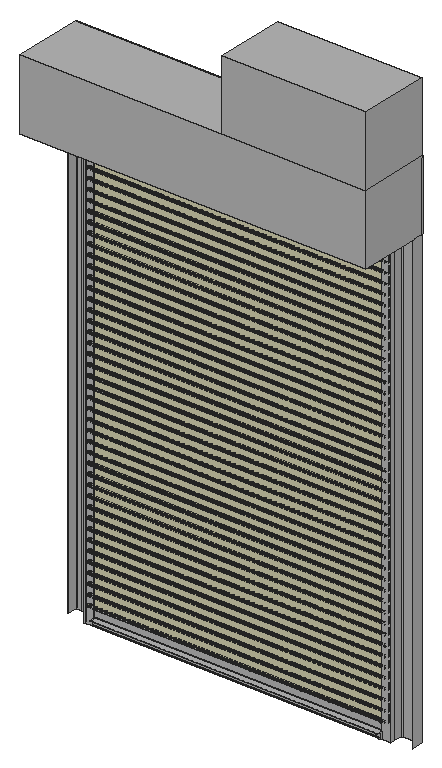
Revit family "Door-Service_Extreme-1024-BetweenJambMount-Cookson", category Doors, host Wall, Revit 2013
Parameters (values of type "Motor Top Mount Right")
  Windload = "Up to 20psf Ultimate/10psf operable standard.  A full range of specific wind load requirements available- Consult Cookson"  # constant formula
  Wall Construction = "Masonry, Steel , Mounting to Tubes"  # constant formula
  URL Specifications = "http://www.cooksondoor.com/docs/default-source/Specifications/extreme-performance-1024-insulated-rolling-service-door-specification_k.doc"
  URL Photographs = "http://www.cooksondoor.com/product/extreme-1024-high-performance-door"
  URL CAD = "http://www.cornelliron.com/architect-tools-and-resources/drawing-generator"
  URL = "http://www.cooksondoor.com/product/extreme-1024-high-performance-door"
  Sizing Disclaimer = "Up to 30’ wide, 20’ high standard construction. Consult factory for larger sizes"  # constant formula
  Revit Object Download Link = "http://cornellcookson.smartbim.com/download/Door_Service_Extreme-CornellIron-1024-BetweenJambMount"
  Optional Powder Coated Finish Standard RAL Colors Galv Steel and Aluminum Only = yes
  Subcategory = "Roll Up"  # constant formula
  Sound Transmission Class Rating = "Insulated version STC 27, based on a complete, operable door assembly"  # constant formula
  Shutter Panel Width = Width - 1' 0"  # 7' - 0"
  Representative Disclaimer = "Cookson' products are sold and installed through a nationwide network of independent distributors."  # constant formula
  Product Options = "Vision Windows, Fenestrations, Sloping Bottom Bar, Sloped hood"  # constant formula
  Operator Width = Width - 2 * 0' 3 31/128"  # 7' - 5 33/64"
  Opening Width = Width  # 8' - 0"
  Opening Height = Height  # 10' - 0"
  Open Speed = "24 ips max"  # constant formula
  Mounting = "Between Jambs"  # constant formula
  Motor Height Adjustable Right = 1' - 7 1/2"
  Motor Height Adjustable Left = 0' - 0"
  Jamb Dimension Note = "Face of Wall: 4 5/8In to  8 5/16In wide. Consult Cookson when dimensions are critical. Between Jambs:  13 13/16IN wide. Consult Cookson when dimensions are critical."
  Insulation Solid Polyurethane Visibility [instance] = yes
  Insulation Panel = Insulation - CornellIron - Plastic Smooth Ash
  Hood Offset On Right = 0' - 0"  # constant formula
  Hood Offset On Left = 0' - 0"  # constant formula
  Motor Length = 3' - 4"  # constant formula
  Motor Height = 1' - 7 1/2"  # constant formula
  Motor Depth = 1' - 7 1/2"  # constant formula
  Motor Cover Visibility Top Right Standard = yes
  Motor Cover Visibility Top Left Standard = no
  Motor Cover Visibility Front Right Standard = no
  Motor Cover Visibility Front Left Standard = no
  Model = "Standard EPD1024, Insulated EPI1024"  # constant formula
  Manufacturer = "CornellCookson,Inc."  # constant formula
  LEED Information = "http://www.cooksondoor.com/architect-tools-and-resources/leed-information"
  Jamb Height = Height + 0' 6 1/2"  # 10' - 6 1/2"
  Hood Height = 1' - 7 1/2"  # constant formula
  Hood Depth = 1' - 7 1/2"  # constant formula
  Hood = Metal - Steel - CornellIron - Steel - w - Powder Coated - Rust Inhibiting Paint
  Guides = Metal - Steel - CornellIron - Steel - w - Powder Coated - Rust Inhibiting Paint
  Function = Interior
  Height = 10' - 0"
  Wall Closure = By host
  Width = 8' - 0"
  Distributor Locator = "http://www.cooksondoor.com/find-a-dealer"
  Description = "Extreme 1024 high-speed, high-cycle doors provide a proven combination of steel door security, minimal maintenance requirements and exceptional cycle life unmatched by other performance doors. Extreme 1024 doors are tested to perform for over a million cycles at an opening speed of up to 24In per second - three times faster than standard coiling or overhead sectional doors. Designed to maximize your return on investment, the 1024 door provides the lowest lifetime cost and lowest cost-per-cycle versus other high-speed slatted products. And, its cost-per-cycle savings dramatically increase when compared to standard coiling doors that may be mistakenly considered for high-cycle openings. Available in standard and insulated curtains."  # constant formula
  Cycle Life = "1,000,000 cycles"  # constant formula
  Curtain Slats Filled w Insulation = Metal - Galvanized Steel - CornellIron - Stainless Steel Brushed - Curtain Only
  Cost Note = "Based on size, materials selected. Consult Cookson."  # constant formula
  Coil Dimension Note = "20” to 26” -  Consult Cookson when dimensions are critical."
  Closing Speed = "12 ips max"  # constant formula
  Bottom Bar = Metal - Steel - CornellIron - Steel - w - Powder Coated - Rust Inhibiting Paint
  95 CSI = "08330"  # constant formula
  04 CSI = "08 33 00"  # constant formula
  # of Shutter Panles = (Height / 0' 2 93/128") + 1  # 45
Types (5): name | Revit Object Download Link | Motor Height Adjustable Right | Motor Height Adjustable Left | Motor Cover Visibility Top Right Standard | Motor Cover Visibility Top Left Standard | Motor Cover Visibility Front Right Standard | Motor Cover Visibility Front Left Standard | Bottom Bar
  (no name) | "http://cornellcookson.smartbim.com/download/Door_Service_Extreme-CornellIron-1024-BetweenJambMount" | 1' - 7 1/2" | 0' - 0" | yes | no | no | no | Metal - Steel - CornellIron - Steel - w - Powder Coated - Rust Inhibiting Paint
  Motor Front Mount Left | "http://cornellcookson.smartbim.com/download/Door-Service_Extreme-1024-BetweenJambMount-Cookson" | 0' - 0" | 0' - 0" | no | no | no | yes | Metal - Steel - CornellIron - Stainless Steel - Double Angle w Powder Coat
  Motor Front Mount Right | "http://cornellcookson.smartbim.com/download/Door-Service_Extreme-1024-BetweenJambMount-Cookson" | 0' - 0" | 0' - 0" | no | no | yes | no | Metal - Steel - CornellIron - Steel - w - Powder Coated - Rust Inhibiting Paint
  Motor Top Mount Right | "http://cornellcookson.smartbim.com/download/Door_Service_Extreme-CornellIron-1024-BetweenJambMount" | 1' - 7 1/2" | 0' - 0" | yes | no | no | no | Metal - Steel - CornellIron - Steel - w - Powder Coated - Rust Inhibiting Paint
  Motor Top Mount Left | "http://cornellcookson.smartbim.com/download/Door-Service_Extreme-1024-BetweenJambMount-Cookson" | 0' - 0" | 1' - 7 1/2" | no | yes | no | no | Metal - Steel - CornellIron - Steel - w - Powder Coated - Rust Inhibiting Paint
Reference planes (in)
  plane 1 "Center (Front/Back)": y = 0
  plane 2 "Center (Left/Right)": x = 0
  plane 3 "Left": x = -48
  plane 4 "Right": x = 48
  plane 5 "Top": z = 146
  plane 6 "Exterior": y = 3
  plane 7 "Interior": y = -3
  plane 8: z = 3.71875
  plane 9: y = -3
  plane 10: x = 42
  plane 11: x = -42
  plane 12: y = -12.14029
  plane 13: z = 4.12519
  plane 14: x = -40
  plane 15: x = 40
  plane 16: z = 6.85141
  plane 17: z = 120
  plane 18: x = -42.50805
  plane 19: x = -42.25805
  plane 20: x = 42.50805
  plane 21: x = 42.25805
  plane 22: x = 48
  plane 23: y = -19.25015
  plane 24: z = 133
  plane 25: y = -11.12507
  plane 26: x = -48
  plane 27: y = -3
  plane 28: z = 0
  plane 29: x = -48
  plane 30: x = 48
  plane 31: z = 126.5
  plane 32: y = 0.24985
  plane 33: y = 0.24985
  plane 34: y = 0.49985
  plane 35: y = 0.24985
Forms (in)
  Sweep 1, solid, material "Metal - Steel - CornellIron - Steel - w - Powder Coated - Rust Inhibiting Paint" <- "Bottom Bar"
    path origin (0, 0, 0) x (1, 0, 0) y (0, 1, 0)
      loop
        line (-40, -3) -> (40, -3)
    profile "Profile_Shutter-Bottom : Parametric" origin (0, -3, 0) x (0, 1, 0) y (0, 0, 1)
      loop
        arc (-1.98389, 1.8432) -> (-2.00598, 1.83405) -> (-2.01514, 1.81195) r 0.03125
        line (-2.01514, 1.81195) -> (-2.01514, 1.7182) -> (-1.02042, 1.7182) -> (-1.02042, 0.27232)
        arc (-1.02042, 0.27232) -> (-0.94066, 0.07976) -> (-0.7481, 0) r 0.27232
        line (-0.7481, 0) -> (0.75043, 0)
        arc (0.75043, 0) -> (0.943, 0.07976) -> (1.02276, 0.27232) r 0.27232
        line (1.02276, 0.27232) -> (1.02276, 1.7182) -> (2.01286, 1.7182) -> (2.01286, 1.81195)
        arc (2.01286, 1.81195) -> (2.00371, 1.83405) -> (1.98161, 1.8432) r 0.03125
        line (1.98161, 1.8432) -> (0.20036, 1.8432)
        arc (0.20036, 1.8432) -> (0.15617, 1.86151) -> (0.13786, 1.9057) r 0.0625
        line (0.13786, 1.9057) -> (0.13786, 3.68695)
        arc (0.13786, 3.68695) -> (0.12871, 3.70905) -> (0.10661, 3.7182) r 0.03125
        line (0.10661, 3.7182) -> (0.01758, 3.7182) -> (0.01758, 1.7182) -> (-0.01758, 1.7182) -> (-0.01758, 3.7182) -> (-0.10889, 3.7182)
        arc (-0.10889, 3.7182) -> (-0.13098, 3.70905) -> (-0.14014, 3.68695) r 0.03125
        line (-0.14014, 3.68695) -> (-0.14014, 1.9057)
        arc (-0.14014, 1.9057) -> (-0.15844, 1.86151) -> (-0.20264, 1.8432) r 0.0625
        line (-0.20264, 1.8432) -> (-1.98389, 1.8432)
  Sweep 2, solid, material "Metal - Galvanized Steel - CornellIron - Stainless Steel Brushed - Curtain Only" <- "Curtain Slats Filled w Insulation"
    path origin (0, 0, 3.71875) x (1, 0, 0) y (0, 1, 0)
      loop
        line (-42, -3) -> (42, -3)
    profile "Profile_Shutter-Bottom Piece : Parametric" origin (0, -3, 3.71875) x (0, 1, 0) y (0, 0, 1)
      loop
        arc (-0.37489, 0.23753) -> (-0.35382, 0.58971) -> (-0.03361, 0.44159) r 0.21354
        line (-0.03361, 0.44159) -> (-0.00349, 0.45138)
        arc (-0.00349, 0.45138) -> (-0.38162, 0.60918) -> (-0.37521, 0.1995) r 0.24491
        line (-0.37521, 0.1995) -> (-0.04434, 0.03306)
        arc (-0.04434, 0.03306) -> (-0.02406, 0.01446) -> (-0.01656, -0.01202) r 0.05046
        line (-0.01656, -0.01202) -> (-0.01656, -2.00055) -> (0.01757, -2.00055) -> (0.01757, -0.01202)
        arc (0.01757, -0.01202) -> (0.00499, 0.03237) -> (-0.02901, 0.06355) r 0.08459
        line (-0.02901, 0.06355) -> (-0.37489, 0.23753)
  Sweep 3, solid, material "Metal - Steel - CornellIron - Steel - w - Powder Coated - Rust Inhibiting Paint" <- "Hood"
    path origin (90, 12, 126.5) x (1, 0, 0) y (0, 1, 0)
      loop
        line (-138, -11.75015) -> (-42, -11.75015)
    profile "Profile_Hood-CornellIron : Parametric" origin (0, 0.24985, 126.5) x (0, 1, 0) y (0, 0, 1)
      loop
        line (0, 19.5) -> (-19.5, 19.5) -> (-19.5, 0) -> (0, 0) -> (0, 19.5)
  Sweep 4, solid, material "Metal - Steel - CornellIron - Steel - w - Powder Coated - Rust Inhibiting Paint" <- "Hood"
    path origin (90, 12, 126.5) x (1, 0, 0) y (0, 1, 0)
      loop
        line (-138, -11.75015) -> (-42, -11.75015)
    profile origin (0, 0.24985, 126.5) x (0, 1, 0) y (0, 0, 1)
      loop
        line (0.25, 0) -> (0.25, 19.5) -> (0, 19.5) -> (0, 0) -> (0.25, 0)
Lines and regions (in)
  Opening 1
    outline origin (-90, -3, 0) x (1, 0, 0) y (0, 0, 1)
      loop
        line (42, 0) -> (138, 0) -> (138, 146) -> (42, 146) -> (42, 0)
  Opening 2
    outline origin (-60, -3, 0) x (1, 0, 0) y (0, 0, 1)
      loop
        line (52, 146) -> (12, 146) -> (12, 145.96875) -> (52, 145.96875) -> (52, 146)
  symbolic lines, style "Hood"
    curve 1: line (-48, -3, 120) -> (-48, -19.25015, 120)
    curve 2: line (-48, -19.25015, 120) -> (48, -19.25015, 120)
    curve 3: line (48, -3, 120) -> (48, -19.25015, 120)
    curve 4: line (-48, -3, 120) -> (48, -3, 120)
  symbolic lines, style "Doors"
    curve 5: line (42, -2.75926, 126.5) -> (-42, -2.75926, 126.5)
    curve 6: line (-42, -2.75926, 126.5) -> (-42, -3.52619, 126.5)
    curve 7: line (-42, -3.52619, 126.5) -> (42, -3.52619, 126.5)
    curve 8: line (42, -3.52619, 126.5) -> (42, -2.75926, 126.5)
    curve 9: line (40, -0.98714, 126.5) -> (-40, -0.98714, 126.5)
    curve 10: line (40, -5.01514, 126.5) -> (40, -3.52619, 126.5)
    curve 11: line (-40, -5.01514, 126.5) -> (40, -5.01514, 126.5)
    curve 12: line (-40, -0.98714, 126.5) -> (-40, -2.75926, 126.5)
    curve 13: line (40, -2.75926, 126.5) -> (40, -0.98714, 126.5)
    curve 14: line (-40, -3.52619, 126.5) -> (-40, -5.01514, 126.5)
Text (in)
  text "Exterior" at (-158.51321, 27.31104, 0), in view "Ref. Level"
  text "Interior" at (-158.51321, -25.14366, 0), in view "Ref. Level"
  text "Exterior" at (0, 40.15149, 123.01588), in view "Right"
  text "Interior" at (0, -64.39139, 123.01588), in view "Right"
  text "Interior" at (0, -31.01599, 123.00693), in view "Left"
  text "Exterior" at (0, 54.57065, 123.00693), in view "Left"
Dimensions and locks (in)
  equal spacing: plane 3 "Left", plane 2 "Center (Left/Right)", plane 4 "Right"
  "Height": level to plane 17
  "Width": plane 3 "Left" to plane 4 "Right"
  locked: level to plane 8 at 3.71875
  locked: plane 9 to plane 7 "Interior"
  locked: plane 10 to plane 4 "Right" at 6
  locked: plane 3 "Left" to plane 11 at 6
  locked: plane 13 to plane 8 at 0.40644
  locked: plane 3 "Left" to plane 14 at 8
  locked: plane 15 to plane 4 "Right" at 8
  locked: plane 16 to plane 13 at 2.72622
  "Hood Height": plane 31 to plane 5 "Top"
  equal spacing: group 1, group 2, group 3, group 4, group 5, group 6, group 7, group 8, group 9, group 10, group 11, group 12, group 13, group 14, group 15, group 16, group 17, group 18, group 19, group 20, group 21, group 22, group 23, group 24, group 25, group 26, group 27, group 28, group 29, group 30, group 31, group 32, group 33, group 34, group 35, group 36, group 37, group 38, group 39, group 40, group 41, group 42, group 43, group 44, group 45  (x3)
  locked: plane 3 "Left" to plane 18 at 5.49195
  locked: plane 18 to plane 19 at 0.25
  locked: plane 20 to plane 21 at 0.25
  locked: plane 20 to plane 4 "Right" at 5.49195
  "Hood Offset On Right": plane 4 "Right" to plane 22
  equal spacing: plane 5 "Top", plane 24, plane 17
  "Hood Offset On Left": plane 26 to plane 3 "Left"
  locked: plane 9 to plane 27
  equal spacing: plane 26, plane 29, plane 3 "Left"
  "Hood Depth": plane 35 to plane 23
  equal spacing: plane 27, plane 25, plane 23
  equal spacing: plane 22, plane 30, plane 4 "Right"
  locked: plane 17 to plane 31 at 6.5
  locked: plane 33 to plane 27 at 3.24985
  locked: Sweep 4 sketch curve to Sweep 4 sketch curve at 0.25
  locked: Sweep 4 sketch curve to plane 27 at 3.24985
  locked: plane 34 to plane 35 at 0.25
  locked: plane 35 to plane 27 at 3.24985
  locked: Opening 2 sketch curve to plane 5 "Top" at 0.03125
  "Motor Height Adjustable Left": plane 5 "Top" to Opening 2 sketch curve
  aligned and locked: plane 3 "Left" to Opening 1 sketch curve
  aligned and locked: plane 5 "Top" to Opening 1 sketch curve  (x2)
  aligned and locked: Opening 1 sketch curve to plane 4 "Right"
  aligned and locked: Opening 1 sketch curve to level
  aligned and locked: plane 6 "Exterior" to host wall
  aligned and locked: plane 7 "Interior" to host wall
  aligned and locked: plane 3 "Left" to nested 1
  aligned and locked: plane 9 to nested 1
  aligned and locked: level to nested 1
  aligned and locked: nested 2 to level
  aligned and locked: nested 2 to plane 9
  aligned and locked: plane 4 "Right" to nested 2
  aligned and locked: Sweep 1 sketch curve to plane 9
  aligned and locked: Sweep 2 sketch curve to plane 9
  aligned and locked: plane 11 to Sweep 2 sketch curve
  aligned and locked: plane 10 to Sweep 2 sketch curve
  aligned and locked: plane 15 to Sweep 1 sketch curve
  aligned and locked: plane 14 to Sweep 1 sketch curve
  aligned and locked: nested 3 to plane 13
  aligned and locked: nested 3 to plane 9
  aligned and locked: plane 16 to nested 4
  aligned and locked: nested 4 to plane 9
  aligned and locked: nested 4 to plane 2 "Center (Left/Right)"
  aligned and locked: plane 23 to nested 22
  aligned and locked: nested 24 to plane 23
  aligned and locked: nested 23 to plane 5 "Top"
  aligned and locked: plane 5 "Top" to nested 25
  aligned and locked: plane 28 to level
  aligned and locked: plane 5 "Top" to nested 24
  aligned and locked: plane 26 to Sweep 3 sketch curve
  aligned and locked: plane 22 to Sweep 3 sketch curve
  aligned and locked: nested 23 to plane 22
  aligned and locked: nested 22 to plane 22
  aligned and locked: plane 26 to curve 1
  aligned and locked: curve 2 to plane 23
  aligned and locked: nested 22 to curve 3
  aligned and locked: curve 4 to plane 27
  aligned and locked: plane 29 to Sweep 4 sketch curve
  aligned and locked: plane 30 to Sweep 4 sketch curve
  aligned and locked: Sweep 4 sketch curve to plane 33
  aligned and locked: Sweep 3 sketch curve to plane 35
  aligned and locked: nested 25 to Opening 2 sketch curve
  aligned and locked: Opening 2 sketch curve to host wall
  aligned and locked: Sweep 3 to nested 23
  aligned and locked: nested 25 to Sweep 3  (x2)
  aligned and locked: nested 24 to Sweep 3
  aligned and locked: plane 31 to nested 22
  aligned and locked: Sweep 4 to plane 5 "Top"
  aligned and locked: curve 5 to nested 51
  aligned and locked: curve 6 to nested 51
  aligned and locked: curve 7 to nested 51
  aligned and locked: curve 8 to nested 51
  aligned and locked: curve 9 to Sweep 1
  aligned and locked: curve 10 to Sweep 1
  aligned and locked: curve 11 to Sweep 1
  aligned and locked: curve 12 to Sweep 1
Automatic sketch dimensions
  Sweep 4 sketch curve to profile plane = 0' - 0"
  profile plane to Sweep 4 sketch curve = 1' - 7 1/2"
  curve 3 to plane 4 "Right" = 0' - 0"
  curve 5 to plane 11 = 0' - 0"
  curve 8 to plane 10 = 0' - 0"
  host wall to curve 7 = 0' - 0.52619"
  curve 6 to host wall = 0' - 0.24074"
  host wall to curve 10 = 0' - 0.52619"
  curve 13 to plane 15 = 0' - 0"
  curve 13 to host wall = 0' - 0.24074"
  curve 12 to host wall = 0' - 0.24074"
  curve 14 to plane 14 = 0' - 0"
  host wall to curve 14 = 0' - 0.52619"
Nested families (in)
  nested 1: "Jamb-Guide_Wall-CornellIron" at (-44.5027, -1.25015, 0), type "Parametric"
    with Height 10' - 6 1/2"
  nested 2: "Jamb-Guide_Wall-CornellIron" at (44.5027, -1.25015, 0) x (-1, 0, 0) z (0, 0, 1), type "Parametric"
    with Height 10' - 6 1/2"
  nested 3: "Shutter_Panel-CornellIron" at (-0.20973, -3.14003, 3.92168), type "Parametric"
  nested 4: "Shutter_Panel-CornellIron" at (-0.20973, -3.14003, 6.6479), type "Parametric"
  nested 5: "Shutter_Panel-CornellIron" at (-0.20973, -3.14003, 9.37412), type "Parametric"
  nested 6: "Shutter_Panel-CornellIron" at (-0.20973, -3.14003, 12.10034), type "Parametric"
  nested 7: "Shutter_Panel-CornellIron" at (-0.20973, -3.14003, 14.82656), type "Parametric"
  nested 8: "Shutter_Panel-CornellIron" at (-0.20973, -3.14003, 17.55278), type "Parametric"
  nested 9: "Shutter_Panel-CornellIron" at (-0.20973, -3.14003, 20.27901), type "Parametric"
  nested 10: "Shutter_Panel-CornellIron" at (-0.20973, -3.14003, 23.00523), type "Parametric"
  nested 11: "Shutter_Panel-CornellIron" at (-0.20973, -3.14003, 25.73145), type "Parametric"
  nested 12: "Shutter_Panel-CornellIron" at (-0.20973, -3.14003, 28.45767), type "Parametric"
  nested 13: "Shutter_Panel-CornellIron" at (-0.20973, -3.14003, 31.18389), type "Parametric"
  nested 14: "Shutter_Panel-CornellIron" at (-0.20973, -3.14003, 33.91011), type "Parametric"
  nested 15: "Shutter_Panel-CornellIron" at (-0.20973, -3.14003, 36.63633), type "Parametric"
  nested 16: "Shutter_Panel-CornellIron" at (-0.20973, -3.14003, 39.36256), type "Parametric"
  nested 17: "Shutter_Panel-CornellIron" at (-0.20973, -3.14003, 42.08878), type "Parametric"
  nested 18: "Shutter_Panel-CornellIron" at (-0.20973, -3.14003, 44.815), type "Parametric"
  nested 19: "Shutter_Panel-CornellIron" at (-0.20973, -3.14003, 47.54122), type "Parametric"
  nested 20: "Shutter_Panel-CornellIron" at (-0.20973, -3.14003, 50.26744), type "Parametric"
  nested 21: "Shutter_Panel-CornellIron" at (-0.20973, -3.14003, 52.99366), type "Parametric"
  nested 22: "Operator-CornellIron" at (0, 0.24985, 6.5), AFFL <- "Height", Motor Cover <- "Motor Cover Visibility Front Right Standard", type "Parametric"
    with Motor Cover no, Chain Visibility no, AFFL 10' - 0"
  nested 23: "Operator-CornellIron" at (0, 19.74985, 26), Motor Cover <- "Motor Cover Visibility Top Right Standard", AFFL <- "Height", type "Parametric"
    with Motor Cover yes, Chain Visibility no, AFFL 10' - 0"
  nested 24: "Operator-CornellIron" at (0, 0.24985, 6.5) x (-1, 0, 0) z (0, 0, 1), AFFL <- "Height", Motor Cover <- "Motor Cover Visibility Front Left Standard", type "Parametric"
    with Motor Cover no, Chain Visibility yes, AFFL 10' - 0"
  nested 25: "Operator-CornellIron" at (0, 19.74985, 26) x (-1, 0, 0) z (0, 0, 1), Motor Cover <- "Motor Cover Visibility Top Left Standard", AFFL <- "Height", type "Parametric"
    with Motor Cover no, Chain Visibility no, AFFL 10' - 0"
  nested 26: "Shutter_Panel-CornellIron" at (-0.20973, -3.14003, 55.71988), type "Parametric"
  nested 27: "Shutter_Panel-CornellIron" at (-0.20973, -3.14003, 58.44611), type "Parametric"
  nested 28: "Shutter_Panel-CornellIron" at (-0.20973, -3.14003, 61.17233), type "Parametric"
  nested 29: "Shutter_Panel-CornellIron" at (-0.20973, -3.14003, 63.89855), type "Parametric"
  nested 30: "Shutter_Panel-CornellIron" at (-0.20973, -3.14003, 66.62477), type "Parametric"
  nested 31: "Shutter_Panel-CornellIron" at (-0.20973, -3.14003, 69.35099), type "Parametric"
  nested 32: "Shutter_Panel-CornellIron" at (-0.20973, -3.14003, 72.07721), type "Parametric"
  nested 33: "Shutter_Panel-CornellIron" at (-0.20973, -3.14003, 74.80343), type "Parametric"
  nested 34: "Shutter_Panel-CornellIron" at (-0.20973, -3.14003, 77.52966), type "Parametric"
  nested 35: "Shutter_Panel-CornellIron" at (-0.20973, -3.14003, 80.25588), type "Parametric"
  nested 36: "Shutter_Panel-CornellIron" at (-0.20973, -3.14003, 82.9821), type "Parametric"
  nested 37: "Shutter_Panel-CornellIron" at (-0.20973, -3.14003, 85.70832), type "Parametric"
  nested 38: "Shutter_Panel-CornellIron" at (-0.20973, -3.14003, 88.43454), type "Parametric"
  nested 39: "Shutter_Panel-CornellIron" at (-0.20973, -3.14003, 91.16076), type "Parametric"
  nested 40: "Shutter_Panel-CornellIron" at (-0.20973, -3.14003, 93.88698), type "Parametric"
  nested 41: "Shutter_Panel-CornellIron" at (-0.20973, -3.14003, 96.61321), type "Parametric"
  nested 42: "Shutter_Panel-CornellIron" at (-0.20973, -3.14003, 99.33943), type "Parametric"
  nested 43: "Shutter_Panel-CornellIron" at (-0.20973, -3.14003, 102.06565), type "Parametric"
  nested 44: "Shutter_Panel-CornellIron" at (-0.20973, -3.14003, 104.79187), type "Parametric"
  nested 45: "Shutter_Panel-CornellIron" at (-0.20973, -3.14003, 107.51809), type "Parametric"
  nested 46: "Shutter_Panel-CornellIron" at (-0.20973, -3.14003, 110.24431), type "Parametric"
  nested 47: "Shutter_Panel-CornellIron" at (-0.20973, -3.14003, 112.97053), type "Parametric"
  nested 48: "Shutter_Panel-CornellIron" at (-0.20973, -3.14003, 115.69676), type "Parametric"
  nested 49: "Shutter_Panel-CornellIron" at (-0.20973, -3.14003, 118.42298), type "Parametric"
  nested 50: "Shutter_Panel-CornellIron" at (-0.20973, -3.14003, 121.1492), type "Parametric"
  nested 51: "Shutter_Panel-CornellIron" at (-0.20973, -3.14003, 123.87542), type "Parametric"
Definition of nested family "Jamb-Guide_Wall-CornellIron"
  Parameters (values of type "Parametric")
    Height = 9' - 11 1/2"
    Guide = Metal - Steel - CornellIron - Steel - w - Powder Coated - Rust Inhibiting Paint
    Default Elevation = 0' - 0"
    Assembly Code = ""
  Reference planes (in)
    plane 1 "Center (Front/Back)": y = 0
    plane 2: z = 0
    plane 3 "Center (Left/Right)": x = 0
    plane 4: z = 119.5
    plane 5: y = 1.625
    plane 6: y = 1.875
    plane 7: x = -3.4973
    plane 8: y = 1.5
    plane 9: y = -2.56497
    plane 10: x = 4.5027
    plane 11: y = 1.875
    plane 12: y = 1.875
    plane 13: y = -1.74985
  Forms (in)
    Sweep 1, solid, material "Metal - Steel - CornellIron - Steel - w - Powder Coated - Rust Inhibiting Paint" <- "Guide", detail levels fine
      path origin (0, 0, 0) x (1, 0, 0) y (0, 0, 1)
        loop
          line (0, 0) -> (0, 119.5)
      profile origin (0, 0, 59.75) x (-1, 0, 0) y (0, -1, 0)
        loop
          line (-1.99465, 2.56497) -> (-4.5027, 2.56497)
          arc (-4.5027, 2.56497) -> (-4.45373, 2.44674) -> (-4.3355, 2.39777) r 0.1672
          line (-4.3355, 2.39777) -> (-2.41266, 2.39777)
          arc (-2.41266, 2.39777) -> (-2.23531, 2.32431) -> (-2.16186, 2.14696) r 0.2508
          line (-2.16186, 2.14696) -> (-2.16186, 1.10194) -> (-4.5027, 1.10194)
          arc (-4.5027, 1.10194) -> (-4.45373, 0.98371) -> (-4.3355, 0.93474) r 0.1672
          line (-4.3355, 0.93474) -> (-2.57986, 0.93474)
          arc (-2.57986, 0.93474) -> (-2.40252, 0.86128) -> (-2.32906, 0.68393) r 0.2508
          line (-2.32906, 0.68393) -> (-2.32906, -0.40289)
          arc (-2.32906, -0.40289) -> (-2.28009, -0.52112) -> (-2.16186, -0.57009) r 0.1672
          arc (-2.16186, -0.57009) -> (-2.11288, -0.68832) -> (-1.99465, -0.73729) r 0.1672
          line (-1.99465, -0.73729) -> (-1.99465, -1.25) -> (-0.73125, -1.25)
          arc (-0.73125, -1.25) -> (-0.59421, -1.43119) -> (-0.3777, -1.5) r 0.375
          line (-0.3777, -1.5) -> (3.4973, -1.5) -> (3.4973, 1.5) -> (3.3098, 1.5)
          arc (3.3098, 1.5) -> (3.26561, 1.48169) -> (3.2473, 1.4375) r 0.0625
          line (3.2473, 1.4375) -> (3.2473, -1.125)
          arc (3.2473, -1.125) -> (3.21069, -1.21339) -> (3.1223, -1.25) r 0.125
          line (3.1223, -1.25) -> (1.74348, -1.25)
          arc (1.74348, -1.25) -> (1.69874, -1.12466) -> (1.57664, -1.0717) r 0.1672
          line (1.57664, -1.0717) -> (-1.57664, -1.0717)
          arc (-1.57664, -1.0717) -> (-1.75399, -0.99824) -> (-1.82745, -0.82089) r 0.2508
          line (-1.82745, -0.82089) -> (-1.82745, 1.10194)
          arc (-1.82745, 1.10194) -> (-1.94568, 1.05297) -> (-1.99465, 0.93474) r 0.1672
          line (-1.99465, 0.93474) -> (-1.99465, 2.56497)
    Sweep 2, solid, material "Metal - Steel - CornellIron - Steel - w - Powder Coated - Rust Inhibiting Paint" <- "Guide", detail levels medium
      path origin (-10.25, 0, 0) x (1, 0, 0) y (0, 0, 1)
        loop
          line (10.25, 0) -> (10.25, 119.5)
      profile origin (0, 0, 59.75) x (-1, 0, 0) y (0, -1, 0)
        loop
          line (3.4973, -1.5) -> (3.4973, 1.5) -> (3.2473, 1.5) -> (3.2473, -1.0717) -> (-1.82745, -1.0717) -> (-1.82745, 1.5) -> (-1.99465, 1.5) -> (-1.99465, 2.56497) -> (-4.5027, 2.56497) -> (-4.5027, 2.39777) -> (-2.16186, 2.39777) -> (-2.16186, 1.10194) -> (-4.5027, 1.10194) -> (-4.5027, 0.93474) -> (-2.32906, 0.93474) -> (-2.32906, -1.5) -> (3.4973, -1.5)
    Sweep 3, solid, material "Metal - Steel - CornellIron - Steel - w - Powder Coated - Rust Inhibiting Paint" <- "Guide", detail levels coarse
      path origin (0.40267, 0, 0) x (1, 0, 0) y (0, 0, 1)
        loop
          line (-0.40267, 0) -> (-0.40267, 119.5)
      profile origin (0, 0, 59.75) x (-1, 0, 0) y (0, -1, 0)
        loop
          line (3.4973, -1.5) -> (3.4973, 1.5) -> (-1.99465, 1.5) -> (-1.99465, 2.56497) -> (-4.5027, 2.56497) -> (-4.5027, 2.39777) -> (-2.16186, 2.39777) -> (-2.16186, 1.10194) -> (-4.5027, 1.10194) -> (-4.5027, 0.93474) -> (-2.32906, 0.93474) -> (-2.32906, -1.5) -> (3.4973, -1.5)
  Lines and regions (in)
    symbolic lines, style "DoorsFrameMullionProjection", detail levels fine
      curve 1: line (1.99465, -0.93474, 0) -> (1.99465, 1.25, 0)
      curve 2: line (2.16186, -1.121, 0) -> (2.16186, 0.57009, 0)
      curve 3: line (-1.74348, 1.25, 0) -> (0.73125, 1.25, 0)
      curve 5: arc (-3.2473, -1.4375, 0) -> (-3.26561, -1.48169, 0) -> (-3.3098, -1.5, 0) r 0.0625
      curve 9: arc (0.3777, 1.5, 0) -> (0.59421, 1.43119, 0) -> (0.73125, 1.25, 0) r 0.375
      curve 10: arc (-3.1223, 1.25, 0) -> (-3.21069, 1.21339, 0) -> (-3.2473, 1.125, 0) r 0.125
      curve 11: line (-3.1223, 1.25, 0) -> (-1.74348, 1.25, 0)
      curve 12: line (0.73125, 1.25, 0) -> (1.99465, 1.25, 0)
      curve 13: arc (-1.57664, 1.0717, 0) -> (-1.69874, 1.12466, 0) -> (-1.74348, 1.25, 0) r 0.1672
      curve 15: arc (1.82745, 0.82089, 0) -> (1.75399, 0.99824, 0) -> (1.57664, 1.0717, 0) r 0.2508
      curve 17: arc (1.99465, -0.93474, 0) -> (1.94568, -1.05297, 0) -> (1.82745, -1.10194, 0) r 0.1672
      curve 18: line (1.99465, -0.93474, 0) -> (1.99465, -1.5, 0)
      curve 20: arc (4.3355, -2.39777, 0) -> (4.45373, -2.44674, 0) -> (4.5027, -2.56497, 0) r 0.1672
      curve 22: arc (2.16186, -2.14696, 0) -> (2.23531, -2.32431, 0) -> (2.41266, -2.39777, 0) r 0.2508
      curve 24: arc (2.16186, 0.57009, 0) -> (2.28009, 0.52112, 0) -> (2.32906, 0.40289, 0) r 0.1672
      curve 26: arc (2.32906, -0.68393, 0) -> (2.40252, -0.86128, 0) -> (2.57986, -0.93474, 0) r 0.2508
      curve 28: arc (4.3355, -0.93474, 0) -> (4.45373, -0.98371, 0) -> (4.5027, -1.10194, 0) r 0.1672
      curve 30: arc (1.99465, 0.73729, 0) -> (2.11288, 0.68832, 0) -> (2.16186, 0.57009, 0) r 0.1672
      curve 46: line (-3.2473, 1.0717, 0) -> (-3.2473, 1.125, 0)
    symbolic lines, style "DoorsFrameMullionProjection"
      curve 4: line (-3.4973, -1.5, 0) -> (-3.3098, -1.5, 0)
      curve 7: line (-3.4973, 1.5, 0) -> (-3.4973, -1.5, 0)
      curve 8: line (0.3777, 1.5, 0) -> (-3.4973, 1.5, 0)
      curve 19: line (1.99465, -2.56497, 0) -> (4.5027, -2.56497, 0)
      curve 21: line (4.3355, -2.39777, 0) -> (2.41266, -2.39777, 0)
      curve 23: line (2.16186, -2.14696, 0) -> (2.16186, -1.10194, 0)
      curve 25: line (2.32906, -0.68393, 0) -> (2.32906, 0.40289, 0)
      curve 27: line (4.3355, -0.93474, 0) -> (2.57986, -0.93474, 0)
      curve 29: line (2.16186, -1.10194, 0) -> (4.5027, -1.10194, 0)
      curve 47: line (1.99465, -1.5, 0) -> (1.99465, -2.56497, 0)
    symbolic lines, style "DoorsFrameMullionProjection", detail levels medium+fine
      curve 6: line (-3.2473, -1.4375, 0) -> (-3.2473, 1.0717, 0)
      curve 14: line (-1.57664, 1.0717, 0) -> (1.57664, 1.0717, 0)
      curve 16: line (1.82745, 0.82089, 0) -> (1.82745, -1.10194, 0)
    symbolic lines, style "DoorsFrameMullionProjection", detail levels medium
      curve 31: line (1.57664, 1.0717, 0) -> (1.82745, 1.0717, 0)
      curve 32: line (1.82745, 1.0717, 0) -> (1.82745, 0.82089, 0)
      curve 33: line (-3.2473, 1.0717, 0) -> (-1.57664, 1.0717, 0)
      curve 34: line (1.82745, -1.10194, 0) -> (1.82745, -1.5, 0)
      curve 48: line (-3.2473, -1.4375, 0) -> (-3.2473, -1.5, 0)
    symbolic lines, style "DoorsFrameMullionProjection", detail levels coarse+medium
      curve 35: line (1.82745, -1.5, 0) -> (1.99465, -1.5, 0)
      curve 36: line (2.16186, -2.14696, 0) -> (2.16186, -2.39777, 0)
      curve 37: line (2.16186, -2.39777, 0) -> (2.41266, -2.39777, 0)
      curve 38: line (4.3355, -2.39777, 0) -> (4.5027, -2.39777, 0)
      curve 39: line (4.5027, -2.39777, 0) -> (4.5027, -2.56497, 0)
      curve 40: line (2.32906, -0.68393, 0) -> (2.32906, -0.93474, 0)
      curve 41: line (2.32906, -0.93474, 0) -> (2.57986, -0.93474, 0)
      curve 42: line (4.3355, -0.93474, 0) -> (4.5027, -0.93474, 0)
      curve 43: line (4.5027, -0.93474, 0) -> (4.5027, -1.10194, 0)
      curve 44: line (0.3777, 1.5, 0) -> (2.32906, 1.5, 0)
      curve 45: line (2.32906, 1.5, 0) -> (2.32906, 0.40289, 0)
      curve 49: line (-3.3098, -1.5, 0) -> (-3.2473, -1.5, 0)
    symbolic lines, style "DoorsFrameMullionProjection", detail levels coarse
      curve 50: line (-3.2473, -1.5, 0) -> (1.82745, -1.5, 0)
    model lines, style "DoorsFrameMullionProjection", detail levels fine
      curve 51: line (-1.74348, 1.25, 119.5) -> (0.73125, 1.25, 119.5)
      curve 52: line (1.99465, -0.93474, 119.5) -> (1.99465, 0.73729, 119.5)
      curve 53: line (2.16186, 0.57009, 119.5) -> (2.16186, -1.10194, 119.5)
      curve 54: line (-1.74348, 1.25, 0) -> (0.73125, 1.25, 0)
      curve 55: line (1.99465, -0.93474, 0) -> (1.99465, 0.73729, 0)
      curve 56: line (2.16186, 0.57009, 0) -> (2.16186, -1.10194, 0)
  Dimensions and locks (in)
    "Height": plane 4 to plane 2
    plane 8 to plane 1 "Center (Front/Back)" to plane 9 = 0' - 1 1/2" locked, 0' - 2.56497" locked
    plane 7 to plane 3 "Center (Left/Right)" to plane 10 = 0' - 3.4973" locked, 0' - 4.5027" locked
    aligned and locked: plane 2 to level
    aligned and locked: plane 4 to Sweep 1 sketch curve
    aligned and locked: plane 2 to Sweep 1 sketch curve
    aligned and locked: plane 3 "Center (Left/Right)" to Sweep 1 sketch curve
    aligned and locked: Sweep 2 sketch curve to plane 3 "Center (Left/Right)"
    aligned and locked: plane 4 to Sweep 2 sketch curve
    aligned and locked: level to Sweep 2 sketch curve
    aligned and locked: plane 3 "Center (Left/Right)" to Sweep 3 sketch curve
    aligned and locked: plane 4 to Sweep 3 sketch curve
    aligned and locked: level to Sweep 3 sketch curve
  Automatic sketch dimensions
    plane 1 "Center (Front/Back)" to Sweep 1 sketch curve = 0' - 1.10194"
    profile plane to Sweep 1 sketch curve = 0' - 4.5027"
    Sweep 1 sketch curve to Sweep 1 sketch curve = 0' - 0"  (x3)
    Sweep 1 sketch curve to Sweep 1 sketch curve = 0' - 0.1672"  (x8)
    plane 1 "Center (Front/Back)" to Sweep 1 sketch curve = 0' - 0.68393"
    Sweep 1 sketch curve to Sweep 1 sketch curve = 0' - 1.75563"
    Sweep 1 sketch curve to Sweep 1 sketch curve = 0' - 0.2508"  (x2)
    Sweep 1 sketch curve to plane 5 = 0' - 0 3/8"  (x2)
    profile plane to Sweep 1 sketch curve = 0' - 0.73125"
    Sweep 1 sketch curve to Sweep 1 sketch curve = 0' - 0.35355"
    Sweep 1 sketch curve to plane 5 = 0' - 0.5533"
    Sweep 1 sketch curve to profile plane = 0' - 1.57664"
    Sweep 1 sketch curve to Sweep 1 sketch curve = 0' - 0.16683"
    Sweep 1 sketch curve to Sweep 1 sketch curve = 0' - 1.37882"
    Sweep 1 sketch curve to Sweep 1 sketch curve = 0' - 0 1/8"
    Sweep 1 sketch curve to Sweep 1 sketch curve = 0' - 0 1/16"
    Sweep 1 sketch curve to plane 5 = 0' - 0 1/8"
    Sweep 1 sketch curve to Sweep 1 sketch curve = 0' - 0 3/8"
    Sweep 1 sketch curve to Sweep 1 sketch curve = 0' - 0.0836"
    plane 1 "Center (Front/Back)" to Sweep 1 sketch curve = 0' - 1 7/16"
    Sweep 1 sketch curve to Sweep 1 sketch curve = 0' - 1.04502"
    plane 1 "Center (Front/Back)" to Sweep 2 sketch curve = 0' - 1.10194"
    profile plane to Sweep 2 sketch curve = 0' - 4.5027"
    Sweep 2 sketch curve to Sweep 2 sketch curve = 0' - 0"
    Sweep 2 sketch curve to plane 11 = 0' - 0 3/8"
    profile plane to Sweep 2 sketch curve = 0' - 2.32906"
    Sweep 2 sketch curve to Sweep 2 sketch curve = 0' - 0.1672"  (x5)
    Sweep 2 sketch curve to plane 11 = 0' - 0.8033"
    Sweep 2 sketch curve to profile plane = 0' - 3.2473"
    Sweep 2 sketch curve to Sweep 2 sketch curve = 0' - 0 1/4"
    Sweep 2 sketch curve to Sweep 2 sketch curve = 0' - 0.39806"
    plane 1 "Center (Front/Back)" to Sweep 2 sketch curve = 0' - 1 1/2"
    Sweep 2 sketch curve to Sweep 2 sketch curve = 0' - 0.89777"
    plane 1 "Center (Front/Back)" to Sweep 3 sketch curve = 0' - 1.10194"
    profile plane to Sweep 3 sketch curve = 0' - 4.5027"
    Sweep 3 sketch curve to Sweep 3 sketch curve = 0' - 0"
    Sweep 3 sketch curve to plane 12 = 0' - 0 3/8"
    profile plane to Sweep 3 sketch curve = 0' - 2.32906"
    Sweep 3 sketch curve to Sweep 3 sketch curve = 0' - 0.1672"  (x4)
    Sweep 3 sketch curve to Sweep 3 sketch curve = 0' - 0.39806"
    Sweep 3 sketch curve to Sweep 3 sketch curve = 0' - 0.89777"
    Sweep 3 sketch curve to profile plane = 0' - 3.4973"
    curve 51 to Sweep 1 = 0' - 0"
    curve 52 to Sweep 1 = 0' - 0"  (x2)
    curve 53 to Sweep 1 = 0' - 0"  (x2)
    Sweep 1 to curve 52 = 0' - 0.33441"
    curve 52 to curve 53 = 0' - 0.1672"
    Sweep 1 to curve 51 = 0' - 1.0962"
    Sweep 1 to curve 51 = 0' - 1.50382"
    Sweep 1 to curve 54 = 0' - 0"
    curve 55 to Sweep 1 = 0' - 0"  (x2)
    curve 56 to Sweep 1 = 0' - 0"  (x2)
    curve 55 to Sweep 1 = 0' - 0.33441"
    curve 55 to curve 56 = 0' - 0.1672"
    curve 54 to Sweep 1 = 0' - 1.0962"
    curve 54 to Sweep 1 = 0' - 1.50382"
    curve 7 to plane 7 = 0' - 0"
    curve 44 to plane 8 = 0' - 0"
    plane 9 to curve 19 = 0' - 0"
    curve 39 to plane 10 = 0' - 0"
    curve 42 to plane 10 = 0' - 0"
    curve 4 to plane 7 = 0' - 0 3/16"
    curve 4 to curve 49 = 0' - 0 1/16"
    curve 46 to curve 11 = 0' - 0 1/8"
    curve 13 to plane 8 = 0' - 0 1/4"
    curve 10 to curve 13 = 0' - 1.37882"
    curve 3 to curve 13 = 0' - 0.16683"
    plane 3 "Center (Left/Right)" to curve 44 = 0' - 0.3777"
    curve 9 to curve 3 = 0' - 0.35355"
    curve 15 to plane 8 = 0' - 0.67911"
    curve 3 to curve 15 = 0' - 0.84539"
    plane 3 "Center (Left/Right)" to curve 34 = 0' - 1.82745"
    curve 34 to curve 47 = 0' - 0.1672"
    curve 19 to curve 37 = 0' - 0.1672"
    curve 2 to curve 23 = 0' - 0"
    curve 24 to curve 25 = 0' - 0.1672"
    curve 36 to curve 22 = 0' - 0.2508"
    curve 40 to curve 27 = 0' - 0.2508"
    curve 28 to plane 10 = 0' - 0.1672"
    curve 4 to plane 9 = 0' - 1.06497"
    curve 18 to curve 2 = 0' - 0.379"
    curve 2 to curve 23 = 0' - 0.01906"
    curve 16 to curve 23 = 0' - 0"
    curve 45 to plane 1 "Center (Front/Back)" = 0' - 0.40289"
    curve 20 to curve 20 = 0' - 0.1672"
Definition of nested family "Shutter_Panel-CornellIron"
  Parameters (values of type "Parametric")
    Width = 7' - 0"
    Panel Insulation = none
    Panel = Metal - Galvanized Steel - CornellIron - Stainless Steel Brushed - Curtain Only
    Insulation Solid Polyurethane Visibility = yes
    Default Elevation = 4' - 0"
    Assembly Code = ""
  Reference planes (in)
    plane 1 "Center (Front/Back)": y = 0
    plane 2: z = 0
    plane 3 "Center (Left/Right)": x = 0.20973
    plane 4: x = -41.79027
    plane 5: x = 42.20973
    plane 6: z = 2.92935
    plane 7: y = 0.10446
    plane 8: z = 0.20351
    plane 9: y = -0.14003
    plane 10: y = 0.38616
    plane 11: y = -0.38076
  Forms (in)
    Sweep 1, solid, material "Metal - Galvanized Steel - CornellIron - Stainless Steel Brushed - Curtain Only" <- "Panel"
      path origin (0, 0, 0) x (1, 0, 0) y (0, 1, 0)
        loop
          line (-41.79027, 0) -> (42.20973, 0)
      profile "Shutter Profile : Shutter Profile" origin (0.20973, 0, 0) x (0, 1, 0) y (0, 0, 1)
        loop
          arc (-0.1196, 3.00215) -> (0.28146, 3.08482) -> (0.14774, 2.69777) r 0.23559
          line (0.14774, 2.69777) -> (-0.19229, 2.69777)
          arc (-0.19229, 2.69777) -> (-0.32556, 2.64256) -> (-0.38076, 2.50929) r 0.18847
          line (-0.38076, 2.50929) -> (-0.38076, 0.15639)
          arc (-0.38076, 0.15639) -> (-0.33496, 0.04581) -> (-0.22437, 0) r 0.15639
          line (-0.22437, 0) -> (0.10446, 0)
          arc (0.10446, 0) -> (0.2691, 0.32313) -> (-0.08909, 0.2664) r 0.20351
          line (-0.08909, 0.2664) -> (-0.04524, 0.25215)
          arc (-0.04524, 0.25215) -> (0.23179, 0.29602) -> (0.10446, 0.04612) r 0.15739
          line (0.10446, 0.04612) -> (-0.22437, 0.04612)
          arc (-0.22437, 0.04612) -> (-0.30235, 0.07841) -> (-0.33465, 0.15639) r 0.11028
          line (-0.33465, 0.15639) -> (-0.33465, 2.50929)
          arc (-0.33465, 2.50929) -> (-0.29295, 2.60995) -> (-0.19229, 2.65165) r 0.14236
          line (-0.19229, 2.65165) -> (0.15182, 2.65165)
          arc (0.15182, 2.65165) -> (0.31758, 3.11357) -> (-0.16346, 3.0164) r 0.28171
          line (-0.16346, 3.0164) -> (-0.1196, 3.00215)
  Lines and regions (in)
    symbolic lines
      curve 1: line (-41.79027, 0.38616, 0) -> (42.20973, 0.38616, 0)
      curve 2: line (-41.79027, -0.38076, 0) -> (-41.79027, 0.38616, 0)
      curve 3: line (42.20973, -0.38076, 0) -> (-41.79027, -0.38076, 0)
      curve 4: line (42.20973, 0.38616, 0) -> (42.20973, -0.38076, 0)
  Dimensions and locks (in)
    equal spacing: plane 4, plane 3 "Center (Left/Right)", plane 5
    "Width": plane 4 to plane 5
    locked: plane 10 to plane 11 at 0.76692
    aligned and locked: plane 1 "Center (Front/Back)" to Sweep 1 sketch curve
    aligned and locked: plane 4 to Sweep 1 sketch curve
    aligned and locked: plane 5 to Sweep 1 sketch curve
    aligned and locked: curve 4 to plane 5
    aligned and locked: curve 1 to plane 10
    aligned and locked: plane 11 to curve 3
    aligned and locked: plane 4 to curve 2
    aligned and locked: nested 1 to plane 10
  Nested families (in)
    nested 1: "Shutter-Panel_Insulation" at (0, -0.03349, 0), visible <- "Insulation Solid Polyurethane Visibility", type "Shutter-Panel"
  Definition of nested family "Shutter-Panel_Insulation"
    Parameters (values of type "Shutter-Panel")
      Width = 7' - 0"
      Panel = none
      Default Elevation = 4' - 0"
      Assembly Code = ""
    Reference planes (in)
      plane 1 "Center (Front/Back)": y = 0
      plane 2: z = 0
      plane 3 "Center (Left/Right)": x = 0.20973
      plane 4: x = -41.79027
      plane 5: x = 42.20973
      plane 6: z = 2.92935
      plane 7: y = 0.10446
      plane 8: z = 0.20351
      plane 9: y = -0.14003
      plane 10: y = 0.41966
    Forms (in)
      Sweep 1, solid, material <- "Panel"
        path origin (0, 0, 0) x (1, 0, 0) y (0, 1, 0)
          loop
            line (-41.79027, 0) -> (42.20973, 0)
        profile "Insulation : Insulation" origin (0.20973, 0, 0) x (0, 1, 0) y (0, 0, 1)
          loop
            line (-0.01945, 3.22188) -> (0.30938, 3.22188)
            arc (0.30938, 3.22188) -> (0.38736, 3.18958) -> (0.41966, 3.1116) r 0.11028
            line (0.41966, 3.1116) -> (0.41966, 0.7587)
            arc (0.41966, 0.7587) -> (0.37796, 0.65804) -> (0.2773, 0.61634) r 0.14236
            line (0.2773, 0.61634) -> (-0.06681, 0.61634)
            arc (-0.06681, 0.61634) -> (-0.23257, 0.15443) -> (0.24847, 0.25159) r 0.28171
            line (0.24847, 0.25159) -> (0.20461, 0.26584)
            arc (0.20461, 0.26584) -> (-0.19645, 0.18318) -> (-0.06273, 0.57023) r 0.23559
            line (-0.06273, 0.57023) -> (0.2773, 0.57023)
            arc (0.2773, 0.57023) -> (0.41057, 0.62543) -> (0.46577, 0.7587) r 0.18847
            line (0.46577, 0.7587) -> (0.46577, 3.1116)
            arc (0.46577, 3.1116) -> (0.41997, 3.22219) -> (0.30938, 3.26799) r 0.15639
            line (0.30938, 3.26799) -> (-0.01945, 3.26799)
            arc (-0.01945, 3.26799) -> (-0.18409, 2.94486) -> (0.1741, 3.00159) r 0.20351
            line (0.1741, 3.00159) -> (0.13025, 3.01584)
            arc (0.13025, 3.01584) -> (-0.14678, 2.97197) -> (-0.01945, 3.22188) r 0.15739
    Dimensions and locks (in)
      equal spacing: plane 4, plane 3 "Center (Left/Right)", plane 5
      "Width": plane 4 to plane 5
      aligned and locked: plane 1 "Center (Front/Back)" to Sweep 1 sketch curve
      aligned and locked: plane 4 to Sweep 1 sketch curve
      aligned and locked: plane 5 to Sweep 1 sketch curve
Definition of nested family "Operator-CornellIron"
  Parameters (values of type "Parametric")
    Unit = Metal - Steel - CornellIron - Steel - w - Powder Coated - Rust Inhibiting Paint
    Motor Length = 3' - 4"
    Motor Height = 1' - 7 1/2"
    Motor Depth = 1' - 7 1/2"
    Motor Cover [instance] = yes
    Length = 8' - 0"
    Default Elevation = 0' - 0"  # constant formula
    Chain Visibility [instance] = yes
    Chain Height = 5' - 0"
    Assembly Code = ""
    Analytic Construction = "<None>"
    AFFL [instance] = 10' - 0"
  Reference planes (in)
    plane 1 "Center (Front/Back)": y = 0
    plane 2: z = 0
    plane 3 "Center (Left/Right)": x = 0
    plane 4: y = -19.5
    plane 5: x = -48
    plane 6: x = 48
    plane 7: x = 8
    plane 8: z = 120
    plane 9: z = 139.5
    plane 10: y = -39
  Dimensions and locks (in)
    locked: plane 4 to plane 1 "Center (Front/Back)" at 19.5
    equal spacing: plane 5, plane 3 "Center (Left/Right)", plane 6
    "Length": plane 5 to plane 6
    "Motor Length": plane 7 to plane 6
    "AFFL": plane 8 to level
    "Motor Height": plane 9 to plane 8
    "Motor Depth": plane 4 to plane 10
    aligned and locked: nested 1 to plane 10
    aligned and locked: plane 7 to nested 1
    aligned and locked: nested 1 to plane 8
  Nested families (in)
    nested 1: "Motor_CornellIron" at (28, -29.25, 120) x (-1, 0, 0) z (0, 0, 1), Chain Visibility <- "Chain Visibility", Motor Cover <- "Motor Cover", type "Motor_CornellIron"
      with Chain Visibility yes
  Definition of nested family "Motor_CornellIron"
    Parameters (values of type "Motor_CornellIron")
      Width = 3' - 4"
      Motor Cover [instance] = yes
      Unit = Metal - Steel - CornellIron - Steel - w - Powder Coated - Rust Inhibiting Paint
      Motor [instance] = yes
      Height = 1' - 7 1/2"
      Depth = 1' - 7 1/2"
      Chain Visibility [instance] = yes
      Chain Height = 5' - 0"
      Assembly Code = ""
      Analytic Construction = "<None>"
    Reference planes (in)
      plane 1 "Center (Front/Back)": y = 0
      plane 2: z = 0
      plane 3 "Center (Left/Right)": x = 0
      plane 4: x = -20
      plane 5: x = 20
      plane 6: y = 9.75
      plane 7: y = -9.75
      plane 8: z = 19.5
      plane 9: x = -25
      plane 10: x = -22.5
    Forms (in)
      Sweep 1, solid, material "Metal - Steel - CornellIron - Steel - w - Powder Coated - Rust Inhibiting Paint" <- "Unit", visible <- "Motor Cover"
        path origin (0, 0, 0) x (1, 0, 0) y (0, 1, 0)
          loop
            line (-20, 0) -> (20, 0)
        profile origin (0, 0, 0) x (0, 1, 0) y (0, 0, 1)
          loop
            line (9.75, 0) -> (9.75, 19.5) -> (-9.75, 19.5) -> (-9.75, 0) -> (9.75, 0)
      Sweep 2, solid, material "Metal - Steel - CornellIron - Steel - w - Powder Coated - Rust Inhibiting Paint" <- "Unit", visible <- "Chain Visibility", not visible
        path origin (7.00522, -7.782, -98.8879) x (0, 1, 0) y (0, 0, 1)
          loop
            line (5.375, 111.07552) -> (5.375, 42.0129)
            arc (5.375, 42.0129) -> (2.25, 38.8879) -> (-0.875, 42.0129) r 3.125
            line (-0.875, 42.0129) -> (-0.875, 111.07552)
        profile origin (7.00522, -2.407, -22.34369) x (1, 0, 0) y (0, 1, 0)
          loop
            circle (-27.18359, 0) r 0.25
      Extrusion 3, solid, material "Metal - Steel - CornellIron - Steel - w - Powder Coated - Rust Inhibiting Paint" <- "Unit", visible <- "Chain Visibility", not visible
        sketch origin (-19.31569, -22.3721, -1.48834) x (0, 1, 0) y (0, 0, -1)
          loop
            line (18.79083, -17.98489) -> (20.6277, -13.19968)
            arc (20.6277, -13.19968) -> (20.64632, -13.13363) -> (20.6526, -13.06529) r 0.375
            line (20.6526, -13.06529) -> (20.6526, -10.97863)
            arc (20.6526, -10.97863) -> (20.69419, -10.76645) -> (20.81281, -10.58568) r 0.562
            arc (20.81281, -10.58568) -> (20.83225, -10.4835) -> (20.7456, -10.42596) r 0.094
            line (20.7456, -10.42596) -> (19.1836, -10.42596)
            arc (19.1836, -10.42596) -> (19.09696, -10.4835) -> (19.1164, -10.58568) r 0.094
            arc (19.1164, -10.58568) -> (19.25212, -10.81455) -> (19.26735, -11.0802) r 0.562
            arc (19.26735, -11.0802) -> (19.16253, -11.49386) -> (18.7766, -11.67596) r 0.5
            line (18.7766, -11.67596) -> (18.41629, -11.67596)
            arc (18.41629, -11.67596) -> (16.8401, -11.30096) -> (15.26391, -11.67596) r 3.5
            line (15.26391, -11.67596) -> (14.9036, -11.67596)
            arc (14.9036, -11.67596) -> (14.55005, -11.52951) -> (14.4036, -11.17596) r 0.5
            line (14.4036, -11.17596) -> (14.4036, -10.97863)
            arc (14.4036, -10.97863) -> (14.44519, -10.76645) -> (14.56381, -10.58568) r 0.562
            arc (14.56381, -10.58568) -> (14.58325, -10.4835) -> (14.4966, -10.42596) r 0.094
            line (14.4966, -10.42596) -> (12.9346, -10.42596)
            arc (12.9346, -10.42596) -> (12.84796, -10.4835) -> (12.8674, -10.58568) r 0.094
            arc (12.8674, -10.58568) -> (12.98601, -10.76645) -> (13.0276, -10.97863) r 0.562
            line (13.0276, -10.97863) -> (13.0276, -13.1348) -> (14.88938, -17.98489)
            arc (14.88938, -17.98489) -> (16.8401, -18.53496) -> (18.79083, -17.98489) r 3.734
        from 0 to 2
      Extrusion 4, solid, material "Metal - Steel - CornellIron - Steel - w - Powder Coated - Rust Inhibiting Paint" <- "Unit", visible <- "Chain Visibility", not visible
        sketch origin (-20.31569, -5.532, 8.93762) x (0, 1, 0) y (0, 0, -1)
          loop
            circle (0, -4.375) r 0.625
        from -1 to 1.5625
      Revolve 5, solid, material "Metal - Steel - CornellIron - Steel - w - Powder Coated - Rust Inhibiting Paint" <- "Unit", visible <- "Chain Visibility", not visible
        sketch origin (-25.31569, -5.532, 8.93762) x (1, 0, 0) y (0, 0, -1)
          loop
            line (3.4375, -4.7725) -> (3.4375, -4.3975) -> (3.19069, -4.3975) -> (3.19069, -4.6475) -> (3.31569, -4.7725) -> (3.4375, -4.7725)
          loop
            line (6.44069, -5.1475) -> (6.44069, -5.39275) -> (6.50319, -5.64275) -> (6.60419, -5.64275) -> (6.66669, -5.39275) -> (6.66669, -5.2415) -> (7.06569, -5.2415) -> (7.06569, -5.3975) -> (7.31569, -5.3975) -> (7.31569, -4.3975) -> (6, -4.3975) -> (6, -5.1475) -> (6.44069, -5.1475)
          axis (7.31569, -4.3975) -> (3.19069, -4.3975)
        angle from 0 to 360
    Lines and regions (in)
      symbolic lines, style "Motor", visible <- "Motor Cover"
        curve 1: line (-20, 9.75, 0) -> (-20, -9.75, 0)
        curve 2: line (-20, 9.75, 0) -> (20, 9.75, 0)
        curve 3: line (-20, -9.75, 0) -> (20, -9.75, 0)
        curve 4: line (20, -9.75, 0) -> (20, 9.75, 0)
    Dimensions and locks (in)
      equal spacing: plane 6, plane 1 "Center (Front/Back)", plane 7
      "Depth": plane 6 to plane 7
      "Height": plane 8 to level
      locked: plane 9 to plane 4 at 5
      equal spacing: plane 4, plane 3 "Center (Left/Right)", plane 5
      equal spacing: plane 9, plane 10, plane 4
      Sweep 2 sketch curve to Sweep 2 sketch curve = 0' - 6 1/4"
      "Width": plane 4 to plane 5
      aligned and locked: plane 5 to Sweep 1 sketch curve
      aligned and locked: plane 4 to Sweep 1 sketch curve
      aligned and locked: plane 1 "Center (Front/Back)" to Sweep 1 sketch curve
      aligned and locked: plane 6 to Sweep 1 sketch curve
      aligned and locked: plane 7 to Sweep 1 sketch curve
      aligned and locked: plane 8 to Sweep 1 sketch curve
      aligned and locked: level to Sweep 1 sketch curve
      aligned and locked: Sweep 2 sketch curve to Sweep 2 sketch curve  (x2)
      aligned and locked: curve 1 to plane 4
      aligned and locked: curve 2 to plane 6
      aligned and locked: curve 3 to plane 7
      aligned and locked: curve 4 to plane 5
    Automatic sketch dimensions
      Sweep 2 sketch curve to Sweep 2 sketch curve = 0' - 0"
      profile plane to Sweep 2 sketch curve = 0' - 0"
      Sweep 2 sketch curve to profile plane = 2' - 3 47/256"
      Extrusion 3 sketch curve to Extrusion 3 sketch curve = 0' - 0"  (x8)
      Extrusion 3 sketch curve to Extrusion 3 sketch curve = 0' - 0.0672"  (x4)
      Extrusion 3 sketch curve to Extrusion 3 sketch curve = 0' - 1.376"
      Extrusion 3 sketch curve to Extrusion 3 sketch curve = 0' - 0.093"  (x2)
      Extrusion 3 sketch curve to Extrusion 3 sketch curve = 0' - 0 1/2"  (x2)
      Extrusion 3 sketch curve to Extrusion 3 sketch curve = 0' - 0.062"
      Extrusion 3 sketch curve to Extrusion 3 sketch curve = 0' - 0.36031"  (x2)
      Extrusion 3 sketch curve to Extrusion 3 sketch curve = 0' - 1.57619"
      Extrusion 3 sketch curve to Extrusion 3 sketch curve = 0' - 3.15238"
      Extrusion 3 sketch curve to Extrusion 3 sketch curve = 0' - 0.29831"
      Extrusion 3 sketch curve to Extrusion 3 sketch curve = 0' - 0.4018"  (x3)
      Extrusion 3 sketch curve to Extrusion 3 sketch curve = 0' - 0.49074"
      Extrusion 3 sketch curve to Extrusion 3 sketch curve = 0' - 1.501"
      Extrusion 3 sketch curve to Extrusion 3 sketch curve = 0' - 0.35009"
      Extrusion 3 sketch curve to Extrusion 3 sketch curve = 0' - 0.02491"
      Extrusion 3 sketch curve to Extrusion 3 sketch curve = 0' - 3.18393"
      Extrusion 3 sketch curve to Extrusion 3 sketch curve = 0' - 1.60128"
      Extrusion 3 sketch curve to Extrusion 3 sketch curve = 0' - 1.66616"
      Extrusion 3 sketch curve to Extrusion 3 sketch curve = 0' - 1.38934"
      Extrusion 3 sketch curve to Extrusion 3 sketch curve = 0' - 0.19733"
      Extrusion 3 sketch curve to Extrusion 3 sketch curve = 0' - 0 13/128"
      Revolve 5 sketch curve to Revolve 5 sketch curve = 0' - 0 1/4"  (x4)
      Revolve 5 sketch curve to Revolve 5 sketch curve = 0' - 0.399"
      Revolve 5 sketch curve to Revolve 5 sketch curve = 0' - 0 1/16"
      Revolve 5 sketch curve to Revolve 5 sketch curve = 0' - 0.101"
      Revolve 5 sketch curve to Revolve 5 sketch curve = 0' - 0.226"
      Revolve 5 sketch curve to Revolve 5 sketch curve = 0' - 0.44069"
      Revolve 5 sketch curve to Revolve 5 sketch curve = 0' - 0"  (x3)
      Revolve 5 sketch curve to Revolve 5 sketch curve = 0' - 2 5/16"
      Revolve 5 sketch curve to Revolve 5 sketch curve = 0' - 0.12181"
      Revolve 5 sketch curve to Revolve 5 sketch curve = 0' - 0.24681"
      Revolve 5 sketch curve to Revolve 5 sketch curve = 0' - 0.24525"
      Revolve 5 sketch curve to Revolve 5 sketch curve = 0' - 0.15125"
      Revolve 5 sketch curve to Revolve 5 sketch curve = 0' - 0.094"
      Revolve 5 sketch curve to Revolve 5 sketch curve = 0' - 0 3/8"
      Revolve 5 sketch curve to Revolve 5 sketch curve = 0' - 0 1/8"
      Revolve 5 sketch curve to Revolve 5 sketch curve = 0' - 0 3/4"
      Sweep 2 sketch curve to Sweep 2 sketch curve = 5' - 9.06262"
      Extrusion 3 sketch curve to Extrusion 3 sketch curve = 0' - 0.1602"
      Extrusion 3 sketch curve to Extrusion 3 sketch curve = 0' - 1.95072"  (x2)
      radius of Sweep 2 sketch curve = 0' - 0 1/4"
      radius of Extrusion 4 sketch curve = 0' - 0 5/8"
